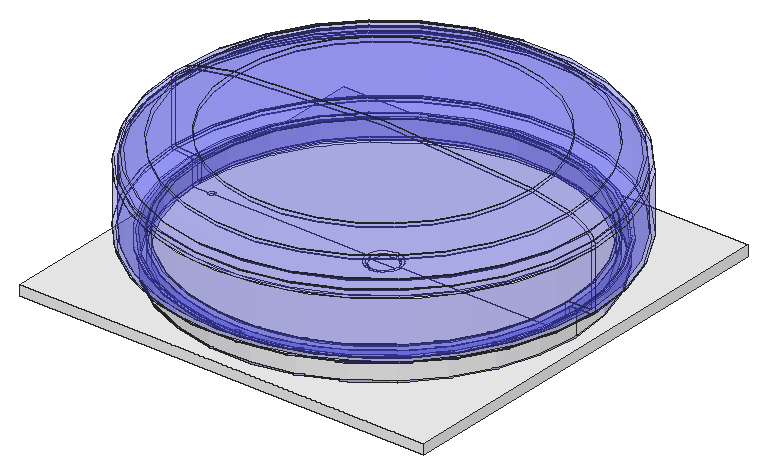
Revit family "BE_50043P_de_DE", category Leuchten, Revit 2020
Family settings
  Basisbauteil = Fläche
  Bemaßung runder Anschluss = Durchmesser verwenden
  Teiletyp = Normal
  Beim Laden mit Abzugskörper schneiden = Ja
  Lichtquelle = Ja
  Gemeinsam genutzt = Nein
  Raumberechnungspunkt = Ja
Parameters (values of type "BEGA_50043P_K4")
  built-in parameter 1150104 = 12.077 (stored number, unit not read)
  Wattage = 28.1 W
  Default Elevation = 0 mm
  built-in parameter 1150113 = 1 (stored number, unit not read)
  built-in parameter 1114218 = 1 (stored number, unit not read)
  Umgebungstemperatur = "25 °C"
  URL = "https://www.bega.com/de/produkt/50043P"
  Typenkommentare = "© 2022 BEGA. Wir behalten uns das Recht vor, technische Änderungen ohne vorherige Ankündigung vorzunehmen."  # constant formula
  built-in parameter 1150134 = (empty or 0)
  built-in parameter 1150109 = 1 (stored number, unit not read)
  Strom = ""
  built-in parameter 1150110 = 1 (stored number, unit not read)
  Spannung = 230 V
  Sonderanfertigung = no
  Seriennummer [instance] = "Hier können Sie die eindeutige Seriennummer für das Facility Management eintragen."
  Schutzklasse = "I"
  Schutzart = ""
  Scheinlast = 0 VA
  Produktdatenblatt = "http://www.bega.de/download/Xrfa/db/50043P.db.de.pdf"
  Oberflächentemperatur = ""
  Neigungswinkel = 0.00°
  Model = "50043PK2"
  Material_17 = BEGA_Reflektor
  Material_15 = BEGA_Leuchtmedium_matt
  Material_14 = BEGA_Kunststoff_opal
  Material_11 = BEGA_Glas_opal
  Material_09 = BEGA_Glas_klar
  Material_06 = BEGA_Oberfläche_Edelstahl_gebürstet
  Material_03 = BEGA_Oberfläche_Weiss_matt
  Material_02 = BEGA_Oberfläche_Silber_matt
  Material_01 [instance] = BEGA_Oberfläche_Grafit_matt
  M_W = no
  M_G = no
  M_A = no
  Logo = 0
  built-in parameter 1114217 = 1 (stored number, unit not read)
  built-in parameter 1150139 = (empty or 0)
  built-in parameter 1150105 = 877.1 (stored number, unit not read)
  built-in parameter 1150114 = 1 (stored number, unit not read)
  Lumens = 3653 lm
  built-in parameter 1150115 = 1 (stored number, unit not read)
  Leuchtenlichtstrom = "3047 lm"
  Leuchtenanzahl = ""
  Lebensdauerkriterien = "L70B50 @ 25 °C = 285000 h"
  Lastklassifizierung = Beleuchtung
  built-in parameter 1150112 = 1 (stored number, unit not read)
  Lampenlichtstrom = "3655 lm"
  Lamp = "LED 28.1 W"
  LED_Modulbezeichnung = "LED-0630/927"
  Hersteller = "BEGA"  # constant formula
  Halbstreuwinkel = ""
  Gewicht = "3.07 kg"
  Gebrauchslageneinschränkung [instance] = ""
  Frequenz = "50 Hz"
  Farbwiedergabeindex = "CRI > 90"
  Farbtemperaturverschiebung bei Dämpfen der Lampe = <Keine Auswahl>
  Farbtemperatur = "2700 K"
  Color Filter = 16777215
  built-in parameter 1150133 = 10 (stored number, unit not read)
  Energieeffizienzklasse = "LED A++ - A"
  built-in parameter 1150137 = (empty or 0)
  built-in parameter 1150132 = (empty or 0)
  ENEC = ""
  Dimmbar [instance] = ""
  Photometric Web File = "BE_50043PK2.IES"
  CE_Konformität = "ja"
  Bestellnummer = "50043PK2"
  Beschreibung_Sonderanfertigung = "Hier können Sie Informationen zur Sonderanfertigung eintragen."
  Beschreibung = "Decken- und Wandleuchte"
  built-in parameter 1150106 = 8.771 (stored number, unit not read)
  Befestigungsbohrung = "Ø 3 mm"
  Befestigungsabstand = "340 mm"
  Ballwurfsicher = ""
  BEGA_Intern_aus = yes
  BEGA_Intern_an = yes
  BEGA_Intern_Konstruktion = yes
  BEGA_Intern = yes
  BEGA_IES = yes
  BEGA_Dummy = no
  Anschlussleitung = ""
  Anschlussleistung [instance] = "33.5 W"
  Anschlusskasten = ""
  built-in parameter 1150107 = 2700 (stored number, unit not read)
  built-in parameter 1150102 = (empty or 0)
  built-in parameter 1150138 = (empty or 0)
  Aktualisierung = "2020-05-11T04:00:10"
  Abstand_zur_angestrahlten_Fläche [instance] = ""
  AC/DC = "AC"
Types (3, lengths in mm): name | built-in parameter 1150104 | built-in parameter 1150134 | Model | built-in parameter 1150105 | Lumens | Leuchtenlichtstrom | Lampenlichtstrom | LED_Modulbezeichnung | Farbtemperatur | Photometric Web File | Bestellnummer | built-in parameter 1150106 | built-in parameter 1150107
  BEGA_50043P_K4 | 12.635 (stored number, unit not read) | 12 | "50043PK4" | 304.11 (stored number, unit not read) | 3821.6 lm | "3590 lm" | "4305 lm" | "LED-0630/930" | "4000 K" | "BE_50043PK4.IES" | "50043PK4" | 3.0411 (stored number, unit not read) | 4000 (stored number, unit not read)
  BEGA_50043P_K3 | 12.18 (stored number, unit not read) | (empty or 0) | "50043PK3" | 884.47 (stored number, unit not read) | 3683.91 lm | "3590 lm" | "4305 lm" | "LED-0630/930" | "3000 K" | "BE_50043PK3.IES" | "50043PK3" | 8.8447 (stored number, unit not read) | 3000 (stored number, unit not read)
  BEGA_50043P_K27 | 12.635 (stored number, unit not read) | 12 | "50043PK27" | 304.11 (stored number, unit not read) | 3821.6 lm | "3473 lm" | "4165 lm" | "LED-0630/927" | "2700 K" | "BE_50043PK27.IES" | "50043PK27" | 3.0411 (stored number, unit not read) | 4000 (stored number, unit not read)
Reference planes
  plane 1 "Mitte (Vorne/Hinten)": y = 0
  plane 2: z = 0
  plane 3 "Mitte (Links/Rechts)": x = 0
  plane 4 "Links": x = -210
  plane 5 "Rechts": x = 210
  plane 6 "Unten": y = -210
  plane 7 "Oben": y = 210
  plane 8 "Vorne": z = 127.8
  plane 9 "Hinten": z = 0
Forms (mm)
  Extrusion 1, solid, material "BEGA_Platte_Weiss"
    sketch origin (0, -1119.2, 0) x (1, 0, 0) y (0, 1, 0)
      loop
        line (-200, 1319.2) -> (-200, 919.2) -> (200, 919.2) -> (200, 1319.2) -> (-200, 1319.2)
    from 0 to -10
  Extrusion 2, solid, material "BEGA_Dummy_matt", visible <- "BEGA_Dummy"
    sketch origin (77.149, -76.023, 0) x (1, 0, 0) y (0, 1, 0)
      loop
        circle (-77.149, 76.023) r 210
    from 0 to 127.8
Dimensions and locks
  plane 1 "Mitte (Vorne/Hinten)" to Extrusion 1 = 200 mm
  aligned and locked: plane 2 to Extrusion 1
  aligned and locked: level to Extrusion 1
Nested families
  nested 1: "BE_50043P" at (0, 0, 0) x (0, -1, 0) z (0, 0, 1), type "BE_50043P"
Connectors
  electrical at (0, 0, 0), driven by "Lastklassifizierung", driven by "Spannung", driven by "Scheinlast"
    settings: index 1, voltage 230 V, apparent load 0 VA, apparent load phase1 0 VA, apparent load phase2 0 VA, apparent load phase3 0 VA, power factor 1, load classification "Beleuchtung", number of poles 1, system type 31, power factor state 1, is connector primary yes, connector utility no, sub classification motor no, connector description ""
Definition of nested family "BE_50043P"
  Parameters (values of type "BE_50043P")
    Default Elevation = 1 mm
    URL = "http://www.bega.de/de/produkt"
    Type Comments = "© 2015 BEGA. Wir behalten uns das Recht vor, technische Änderungen ohne vorherige Ankündigung vorzunehmen. "  # constant formula
    Type Image = (empty or 0)
    Neigungswinkel_um_Z2 = 0.00°
    Neigungswinkel_um_Z1 = 0.00°
    Neigungswinkel_um_Y2 = 0.00°
    Neigungswinkel_um_Y1 = 0.00°
    Neigungswinkel_um_X2 = 0.00°
    Neigungswinkel_um_X1 = 0.00°
    Material_17 = none
    Material_15 = none
    Material_14 = none
    Material_11 = none
    Material_09 = none
    Material_06 = none
    Material_05 = none
    Material_03 = none
    Material_02 = none
    Material_01 = none
    M_W = yes
    M_G = yes
    M_A = yes
    Länge_Platte = 600 mm  # constant formula
    Höhe_Platte = -10 mm  # constant formula
    Manufacturer = "BEGA"  # constant formula
    Drehwinkel_um_Z2 = 0.00°
    Drehwinkel_um_Z1 = 0.00°
    Breite_Platte = 600 mm  # constant formula
  Reference planes
    plane 1 "Mitte (Oben/Unten)": y = 0
    plane 2: z = 0
    plane 3 "Mitte (Links/Rechts)": x = 0
    plane 4: y = 210
    plane 5: z = 127.8
    plane 6: y = -210
    plane 7: x = -210
    plane 8: x = 210
  Forms (mm)
    Extrusion 1, solid, detail levels medium
      sketch origin (0, 0, 0) x (1, 0, 0) y (0, 1, 0)
        loop
          line (-300, 300) -> (-300, -300) -> (300, -300) -> (300, 300) -> (-300, 300)
      from 0 to -10 <- "Höhe_Platte"
    Revolve 2, solid, material <- "Material_03", detail levels medium+fine
      sketch origin (0, 0, 0) x (0, 1, 0) y (0, 0, 1)
        loop
          arc (16.416, 3.3) -> (15.11, 2.929) -> (14.191, 1.93) r 2.5
          arc (14.191, 1.93) -> (13.639, 1.325) -> (12.852, 1.1) r 1.5
          line (12.852, 1.1) -> (0.002, 1.1) -> (0.002, 0.1) -> (13.076, 0.1)
          arc (13.076, 0.1) -> (14.387, 0.471) -> (15.313, 1.475) r 2.5
          arc (15.313, 1.475) -> (15.866, 2.077) -> (16.653, 2.3) r 1.5
          line (16.653, 2.3) -> (188.667, 2.3)
          arc (188.667, 2.3) -> (190.064, 2.868) -> (190.667, 4.25) r 2
          line (190.667, 4.25) -> (191.038, 25.509)
          arc (191.038, 25.509) -> (191.277, 26.071) -> (191.842, 26.3) r 0.8
          line (191.842, 26.3) -> (194, 26.3) -> (194, 27.3) -> (191.844, 27.3)
          arc (191.844, 27.3) -> (190.578, 26.786) -> (190.038, 25.531) r 1.8
          line (190.038, 25.531) -> (189.667, 4.275)
          arc (189.667, 4.275) -> (189.365, 3.584) -> (188.667, 3.3) r 1
          line (188.667, 3.3) -> (16.416, 3.3)
        axis (0.002, 0.1) -> (0.002, 27.3)
      angle from 0 to 360
    Revolve 3, solid, material <- "Material_03", detail levels medium+fine
      sketch origin (87.5, 0, 0) x (0, 1, 0) y (0, 0, 1)
        loop
          line (151.554, 0) -> (151.554, 2.691) -> (145.799, 2.691)
          arc (145.799, 2.691) -> (148.377, 0.706) -> (151.554, 0) r 7.5
        axis (151.554, 2.691) -> (151.554, 0)
      angle from 0 to 360
    Extrusion 4, void
      sketch origin (0, 0, 0) x (1, 0, 0) y (0, 1, 0)
        loop
          circle (163, 18) r 8.5
        loop
          circle (163, -18) r 8.5
        loop
          circle (0, 170) r 3
        loop
          circle (0, -170) r 3
      from 0 to 7.205
    Revolve 5, solid, material <- "Material_14", detail levels medium+fine
      sketch origin (0, 0, 0) x (0, 1, 0) y (0, 0, 1)
        loop
          arc (185.037, 111.947) -> (166.501, 116.443) -> (147.656, 119.387) r 230
          arc (147.656, 119.387) -> (73.948, 125.695) -> (0, 127.8) r 1299.91
          line (0, 127.8) -> (0, 123.8)
          arc (0, 123.8) -> (73.763, 121.699) -> (147.287, 115.403) r 1295.91
          arc (147.287, 115.403) -> (165.775, 112.509) -> (183.961, 108.094) r 226
          arc (183.961, 108.094) -> (193.162, 104.323) -> (201.339, 98.662) r 46
          arc (201.339, 98.662) -> (203.744, 95.883) -> (205.275, 92.542) r 13
          arc (205.275, 92.542) -> (205.818, 90.189) -> (206, 87.78) r 16
          line (206, 87.78) -> (206, 32.958) -> (182.901, 31.748)
          arc (182.901, 31.748) -> (180.841, 30.798) -> (180, 28.691) r 3.061
          line (180, 28.691) -> (180, 10.3) -> (184, 10.3) -> (184, 26.851)
          arc (184, 26.851) -> (184.275, 27.539) -> (184.948, 27.85) r 1
          line (184.948, 27.85) -> (207.172, 29.014)
          arc (207.172, 29.014) -> (209.181, 29.95) -> (210, 32.009) r 3
          line (210, 32.009) -> (210, 87.839)
          arc (210, 87.839) -> (209.678, 91.376) -> (208.735, 94.8) r 20
          arc (208.735, 94.8) -> (206.78, 98.538) -> (203.964, 101.679) r 17
          arc (203.964, 101.679) -> (195.06, 107.844) -> (185.037, 111.947) r 50
        axis (0, 127.8) -> (0, 10.3)
      angle from 0 to 360
    Revolve 6, solid, material <- "Material_03", detail levels medium+fine
      sketch origin (-43.75, -75.777, 0) x (0.866025, -0.5, 0) y (0, 0, 1)
        loop
          line (151.554, 0) -> (151.554, 2.691) -> (145.799, 2.691)
          arc (145.799, 2.691) -> (148.377, 0.706) -> (151.554, 0) r 7.5
        axis (151.554, 2.691) -> (151.554, 0)
      angle from 0 to 360
    Revolve 7, solid, material <- "Material_03", detail levels medium+fine
      sketch origin (-43.75, 75.777, 0) x (-0.866025, -0.5, 0) y (0, 0, 1)
        loop
          line (151.554, 0) -> (151.554, 2.691) -> (145.799, 2.691)
          arc (145.799, 2.691) -> (148.377, 0.706) -> (151.554, 0) r 7.5
        axis (151.554, 2.691) -> (151.554, 0)
      angle from 0 to 360
  Cuts and joins
    Extrusion 4 cuts Revolve 2
    Extrusion 4 cuts Revolve 3
    joined: Revolve 2, Revolve 3, Revolve 6, Revolve 7
  Dimensions and locks
    equal spacing: Extrusion 1 sketch curve, plane 3 "Mitte (Links/Rechts)", Extrusion 1 sketch curve
    equal spacing: Extrusion 1 sketch curve, plane 1 "Mitte (Oben/Unten)", Extrusion 1 sketch curve
    "Länge_Platte": Extrusion 1 sketch curve to Extrusion 1 sketch curve
    "Breite_Platte": Extrusion 1 sketch curve to Extrusion 1 sketch curve
    aligned and locked: Extrusion 1 to plane 2
    aligned and locked: level to Extrusion 1
  Automatic sketch dimensions
    Revolve 2 sketch curve to Revolve 2 sketch curve = 0 mm  (x14)
    level to Revolve 2 sketch curve = 2.6 mm
    Revolve 2 sketch curve to plane 1 "Mitte (Oben/Unten)" = 12.849 mm
    Revolve 2 sketch curve to Revolve 2 sketch curve = 0.003 mm
    Revolve 2 sketch curve to Revolve 2 sketch curve = 0.227 mm
    Revolve 2 sketch curve to Revolve 2 sketch curve = 3.34 mm
    level to Revolve 2 sketch curve = 0.8 mm
    Revolve 2 sketch curve to Revolve 2 sketch curve = 0.005 mm
    Revolve 2 sketch curve to Revolve 2 sketch curve = 0.236 mm
    level to Revolve 2 sketch curve = 3.3 mm
    level to Revolve 2 sketch curve = 4.275 mm
    Revolve 2 sketch curve to Revolve 2 sketch curve = 1 mm  (x6)
    level to Revolve 2 sketch curve = 4.25 mm
    Revolve 2 sketch curve to Revolve 2 sketch curve = 0.8 mm
    Revolve 2 sketch curve to Revolve 2 sketch curve = 0.004 mm  (x2)
    Revolve 2 sketch curve to Revolve 2 sketch curve = 0.002 mm
    Revolve 2 sketch curve to Revolve 2 sketch curve = 2.158 mm
    level to Revolve 2 sketch curve = 0.1 mm
    Revolve 2 sketch curve to Revolve 2 sketch curve = 21.25 mm
    Revolve 2 sketch curve to Revolve 2 sketch curve = 0.009 mm
    Revolve 2 sketch curve to plane 1 "Mitte (Oben/Unten)" = 0.002 mm
    Revolve 2 sketch curve to Revolve 2 sketch curve = 1.118 mm
    Revolve 3 sketch curve to Revolve 3 sketch curve = 0 mm  (x3)
    Revolve 3 sketch curve to Revolve 3 sketch curve = 4.809 mm
    Revolve 3 sketch curve to Revolve 3 sketch curve = 2.309 mm
    Revolve 3 sketch curve to Revolve 3 sketch curve = 5.756 mm
    Revolve 6 sketch curve to Revolve 6 sketch curve = 0 mm  (x3)
    Revolve 6 sketch curve to Revolve 6 sketch curve = 4.809 mm
    Revolve 6 sketch curve to Revolve 6 sketch curve = 2.309 mm
    Revolve 6 sketch curve to Revolve 6 sketch curve = 5.756 mm
    Revolve 7 sketch curve to Revolve 7 sketch curve = 0 mm  (x3)
    Revolve 7 sketch curve to Revolve 7 sketch curve = 4.809 mm
    Revolve 7 sketch curve to Revolve 7 sketch curve = 2.309 mm
    Revolve 7 sketch curve to Revolve 7 sketch curve = 5.756 mm
    Revolve 3 sketch curve to level = 0 mm
    Revolve 6 sketch curve to level = 0 mm
    level to Revolve 7 sketch curve = 0 mm
    plane 1 "Mitte (Oben/Unten)" to Extrusion 4 sketch curve = 18 mm
    Extrusion 4 sketch curve to plane 1 "Mitte (Oben/Unten)" = 18 mm
    Revolve 5 sketch curve to Revolve 5 sketch curve = 0 mm  (x18)
    plane 1 "Mitte (Oben/Unten)" to Revolve 5 sketch curve = 0 mm
    Revolve 5 sketch curve to plane 1 "Mitte (Oben/Unten)" = 0.006 mm
    Revolve 5 sketch curve to Revolve 5 sketch curve = 2.901 mm
    Revolve 5 sketch curve to Revolve 5 sketch curve = 3.061 mm
    Revolve 5 sketch curve to Revolve 5 sketch curve = 4 mm  (x3)
    Revolve 5 sketch curve to Revolve 5 sketch curve = 1 mm  (x2)
    Revolve 5 sketch curve to Revolve 5 sketch curve = 2.81 mm
    Revolve 5 sketch curve to Revolve 5 sketch curve = 13.19 mm
    Revolve 5 sketch curve to Revolve 5 sketch curve = 0.172 mm
    Revolve 5 sketch curve to level = 1172.111 mm
    Revolve 5 sketch curve to level = 109.132 mm
    level to Revolve 5 sketch curve = 10.3 mm
    Revolve 5 sketch curve to Revolve 5 sketch curve = 16.551 mm
    Revolve 5 sketch curve to Revolve 5 sketch curve = 1.84 mm
    Revolve 5 sketch curve to Revolve 5 sketch curve = 2.163 mm
    Revolve 5 sketch curve to Revolve 5 sketch curve = 2.995 mm
    Revolve 5 sketch curve to Revolve 5 sketch curve = 0.949 mm
    Revolve 5 sketch curve to Revolve 5 sketch curve = 32.146 mm
    Revolve 5 sketch curve to Revolve 5 sketch curve = 0.02 mm
    Revolve 5 sketch curve to Revolve 5 sketch curve = 0.059 mm
    Revolve 5 sketch curve to Revolve 5 sketch curve = 1.05 mm
    Revolve 5 sketch curve to Revolve 5 sketch curve = 0.369 mm
    Revolve 5 sketch curve to Revolve 5 sketch curve = 6.039 mm
    Revolve 5 sketch curve to Revolve 5 sketch curve = 0.052 mm
    Revolve 5 sketch curve to Revolve 5 sketch curve = 2.626 mm
    Revolve 5 sketch curve to Revolve 5 sketch curve = 3.46 mm
    Revolve 5 sketch curve to Revolve 5 sketch curve = 23.886 mm
    level to Revolve 5 sketch curve = 123.8 mm
    Revolve 5 sketch curve to Revolve 5 sketch curve = 1.076 mm
    Revolve 5 sketch curve to Revolve 5 sketch curve = 4.661 mm
    Revolve 5 sketch curve to Revolve 5 sketch curve = 0.725 mm
    Revolve 5 sketch curve to Revolve 5 sketch curve = 6.968 mm
    Revolve 2 sketch curve to Revolve 2 sketch curve = 172.015 mm
    Revolve 2 sketch curve to Revolve 2 sketch curve = 0.371 mm
    Revolve 3 sketch curve to plane 1 "Mitte (Oben/Unten)" = 145.799 mm
    Revolve 5 sketch curve to plane 1 "Mitte (Oben/Unten)" = 121.603 mm
    Revolve 5 sketch curve to plane 1 "Mitte (Oben/Unten)" = 171.218 mm
    Revolve 5 sketch curve to Revolve 5 sketch curve = 8.782 mm
    Revolve 5 sketch curve to Revolve 5 sketch curve = 18.782 mm
    Revolve 5 sketch curve to Revolve 5 sketch curve = 36.674 mm
    Extrusion 4 sketch curve to plane 3 "Mitte (Links/Rechts)" = 0 mm  (x2)
    plane 3 "Mitte (Links/Rechts)" to Extrusion 4 sketch curve = 163 mm
    Extrusion 4 sketch curve to Extrusion 4 sketch curve = 0 mm
    plane 6 to Extrusion 4 sketch curve = 40 mm
    plane 4 to Extrusion 4 sketch curve = 40 mm
    radius of Extrusion 4 sketch curve = 8.5 mm  (x2)
    radius of Extrusion 4 sketch curve = 3 mm  (x2)
